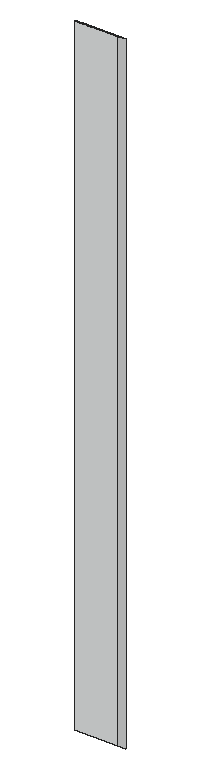
Revit family "M_Balaústre - Aço plano de pé", category Balaústres, Revit 2019
Family settings
  Número OmniClass = 23.30.80.11.11.14
  Título OmniClass = Posts, Newel Posts, Pickets
  Sempre na vertical = Sim
  Corte com vazios quando carregada = Não
  Compartilhado = Não
Parameters (values of type "50 x 12mm")
  built-in parameter 1008623 [instance] = 32.47°
  built-in parameter 1008625 [instance] = (empty or 0)
  Post = no
  Espessura plana de aço = 12 mm
  Largura plana de aço = 50 mm
  built-in parameter 1008624 [instance] = 32.47°
  Material de balaústre = Metal - Aço inoxidável,Polido
  built-in parameter 1008622 [instance] = 750 mm
Reference planes
  plane 1 "Centro (Frente/Trás)": y = 0
  plane 2: z = 0
  plane 3 "Centro (Esquerda/Direita)": x = 0
  plane 4 "Superior": z = 750
  plane 5 "Ângulo de corte superior": through (0, 339.699, 533.838) normal (0, -0.5369, -0.8437)
  plane 6 "Ângulo de corte inferior": through (0, 0, 0) normal (0, -0.5369, -0.8437)
  plane 7: y = 6
  plane 8: y = -6
  plane 9: x = -25
  plane 10: x = 25
Forms (mm)
  Extrusion 1, solid, material "Metal - Aço inoxidável,Polido" <- "Material de balaústre"
    sketch origin (0, 0, 0) x (0, 1, 0) y (0, 0, 1)
      loop
        line (-6, 753.818) -> (-6, 3.818) -> (6, -3.818) -> (6, 746.182) -> (-6, 753.818)
    from -25 to 25
Text (mm)
  text "Elevação do balaústre" at (0, 987.338, 1092.824), in view "Esquerda"
Dimensions and locks
  "built-in parameter 1008622": plane 2 to plane 4 "Superior"
  locked: plane 2 to level at 0
  equal spacing: plane 7, plane 1 "Centro (Frente/Trás)", plane 8
  "Espessura plana de aço": plane 7 to plane 8
  equal spacing: plane 9, plane 3 "Centro (Esquerda/Direita)", plane 10
  "Largura plana de aço": plane 9 to plane 10
  "built-in parameter 1008623": angle plane 4 "Superior" to plane 5 "Ângulo de corte superior"
  "built-in parameter 1008624": angle level to plane 6 "Ângulo de corte inferior"
  aligned and locked: plane 6 "Ângulo de corte inferior" to Extrusion 1 sketch curve  (x2)
  aligned and locked: Extrusion 1 sketch curve to plane 8
  aligned and locked: plane 5 "Ângulo de corte superior" to Extrusion 1 sketch curve  (x2)
  aligned and locked: Extrusion 1 sketch curve to plane 7
  aligned and locked: plane 8 to Extrusion 1 sketch curve
  aligned and locked: plane 7 to Extrusion 1 sketch curve
  aligned and locked: Extrusion 1 to plane 9
  aligned and locked: plane 10 to Extrusion 1
Automatic sketch dimensions
  plane 5 "Ângulo de corte superior" to Extrusion 1 sketch curve = 0 mm
